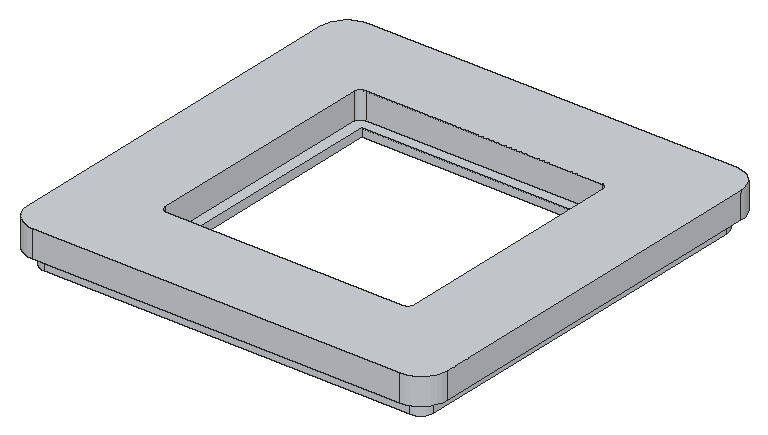
Revit family "Gira_0211522", category Electrical Fixtures, host Face, Revit 2017
Family settings
  Host = Face
  Maintain Annotation Orientation = No
  Round Connector Dimension = Use Diameter
  Part Type = Normal
  Cut with Voids When Loaded = No
  Shared = No
  Room Calculation Point = No
Parameters (values of type "Cov.fr. 1-g Gira Esprit umber gl.C")
  With mounting grid = "No"
  With hinged lid = "No"
  URL = "http://katalog.gira.de/en/datenblatt.html?artikelnr=0211522"
  Type of fastening = "Clamp mounting"
  Transparent = "No"
  Surface protection = "Other"
  Suitable for wall duct = "No"
  Suitable for flush-mounted installation = "Yes"
  Suitable for floor box = "No"
  Suitable for built-in installation = "No"
  Number of units vertical = "1"
  Number of units horizontal = "1"
  Number of units = "1"
  Name = "Cov.fr. 1-g Gira Esprit umber gl.C"
  Mounting direction = "Horizontal and vertical"
  Material quality = "Real glass"
  Material = "Glass"
  Manufacturer URL = "https://www.gira.de/"
  Manufacturer = "Gira"
  Label space/information surface = "No"
  Keynote = ""
  HeinzeBIM = "https://bimportal.heinze.de/bim/cov-fr-1-g-gira-esprit-umber-gl-c/8bef2e85a5b14f34fa2b14f71d5d77c3f2f7d27c"
  Halogen free = "No"
  HAN = "0211522"
  GTIN = "4010337077855"
  Description = "Cov.fr.1g Espr. GCUm,Gira Esprit cover frame,umber glass C,1-gang,"
  Degree of protection (IP) = "IP20"
  Default Elevation = 1219.2 mm
  Data sheet (1) = "https://katalog.gira.de/en/download.html?artikelnr=0211522"
  Colour = "Other"
  Category = "Cover frame for domestic switching devices"
  BIM (1) = "https://media.stage.bim.site/public/gira/36a6b08/Espr.GC_Rahmen_1fach.rfa"
  Available = "No"
Reference planes
  plane 1 "Center (Front/Back)": y = 0
  plane 2: z = 0
  plane 3 "Center (Left/Right)": x = 0
Forms (mm)
  Extrusion 1, solid, detail levels fine
    sketch origin (0, 0, 0) x (1, 0, 0) y (0, 1, 0)
      loop
        line (-47.5, 41.5) -> (-47.5, -41.5)
        arc (-47.5, -41.5) -> (-45.743, -45.743) -> (-41.5, -47.5) r 6
        line (-41.5, -47.5) -> (41.5, -47.5)
        arc (41.5, -47.5) -> (45.743, -45.743) -> (47.5, -41.5) r 6
        line (47.5, -41.5) -> (47.5, 41.5)
        arc (47.5, 41.5) -> (45.743, 45.743) -> (41.5, 47.5) r 6
        line (41.5, 47.5) -> (-41.5, 47.5)
        arc (-41.5, 47.5) -> (-45.743, 45.743) -> (-47.5, 41.5) r 6
      loop
        line (26.7, 28.2) -> (-26.7, 28.2)
        arc (-26.7, 28.2) -> (-27.761, 27.761) -> (-28.2, 26.7) r 1.5
        line (-28.2, 26.7) -> (-28.2, -26.7)
        arc (-28.2, -26.7) -> (-27.761, -27.761) -> (-26.7, -28.2) r 1.5
        line (-26.7, -28.2) -> (26.7, -28.2)
        arc (26.7, -28.2) -> (27.761, -27.761) -> (28.2, -26.7) r 1.5
        line (28.2, -26.7) -> (28.2, 26.7)
        arc (28.2, 26.7) -> (27.761, 27.761) -> (26.7, 28.2) r 1.5
    from 0 to 6
  Extrusion 2, solid, detail levels fine
    sketch origin (0, 0, 0) x (1, 0, 0) y (0, 1, 0)
      loop
        line (-44.4, 41.4) -> (-44.4, -41.4)
        arc (-44.4, -41.4) -> (-43.521, -43.521) -> (-41.4, -44.4) r 3
        line (-41.4, -44.4) -> (41.4, -44.4)
        arc (41.4, -44.4) -> (43.521, -43.521) -> (44.4, -41.4) r 3
        line (44.4, -41.4) -> (44.4, 41.4)
        arc (44.4, 41.4) -> (43.521, 43.521) -> (41.4, 44.4) r 3
        line (41.4, 44.4) -> (-41.4, 44.4)
        arc (-41.4, 44.4) -> (-43.521, 43.521) -> (-44.4, 41.4) r 3
      loop
        arc (-41.3, 43.194) -> (-42.639, 42.639) -> (-43.194, 41.3) r 1.894
        line (-43.194, 41.3) -> (-43.194, -41.3)
        arc (-43.194, -41.3) -> (-42.639, -42.639) -> (-41.3, -43.194) r 1.894
        line (-41.3, -43.194) -> (41.3, -43.194)
        arc (41.3, -43.194) -> (42.639, -42.639) -> (43.194, -41.3) r 1.894
        line (43.194, -41.3) -> (43.194, 41.3)
        arc (43.194, 41.3) -> (42.639, 42.639) -> (41.3, 43.194) r 1.894
        line (41.3, 43.194) -> (-41.3, 43.194)
    from -3.7 to 0
  Extrusion 3, solid, detail levels fine
    sketch origin (0, 0, 0) x (1, 0, 0) y (0, 1, 0)
      loop
        line (-25.7, 25.7) -> (-25.7, -25.7) -> (25.7, -25.7) -> (25.7, 25.7) -> (-25.7, 25.7)
      loop
        line (-43.194, 41.3) -> (-43.194, -41.3)
        arc (-43.194, -41.3) -> (-42.639, -42.639) -> (-41.3, -43.194) r 1.894
        line (-41.3, -43.194) -> (41.3, -43.194)
        arc (41.3, -43.194) -> (42.639, -42.639) -> (43.194, -41.3) r 1.894
        line (43.194, -41.3) -> (43.194, 41.3)
        arc (43.194, 41.3) -> (42.639, 42.639) -> (41.3, 43.194) r 1.894
        line (41.3, 43.194) -> (-41.3, 43.194)
        arc (-41.3, 43.194) -> (-42.639, 42.639) -> (-43.194, 41.3) r 1.894
    from -1.9 to 0
  Extrusion 4, solid, detail levels medium
    sketch origin (0, 0, 0) x (1, 0, 0) y (0, 1, 0)
      loop
        line (-47.5, 47.5) -> (-47.5, -47.5) -> (47.5, -47.5) -> (47.5, 47.5) -> (-47.5, 47.5)
    from 0 to 6
  Extrusion 5, solid, detail levels medium
    sketch origin (0, 0, 0) x (1, 0, 0) y (0, 1, 0)
      loop
        line (-44.4, 44.4) -> (-44.4, -44.4) -> (44.4, -44.4) -> (44.4, 44.4) -> (-44.4, 44.4)
    from -3.7 to 0
  Extrusion 6, solid, detail levels coarse
    sketch origin (0, 0, 0) x (1, 0, 0) y (0, 1, 0)
      loop
        line (-47.5, 47.5) -> (-47.5, -47.5) -> (47.5, -47.5) -> (47.5, 47.5) -> (-47.5, 47.5)
    from -3.7 to 6
Dimensions and locks
  aligned and locked: plane 2 to host face
  aligned and locked: level to host face
